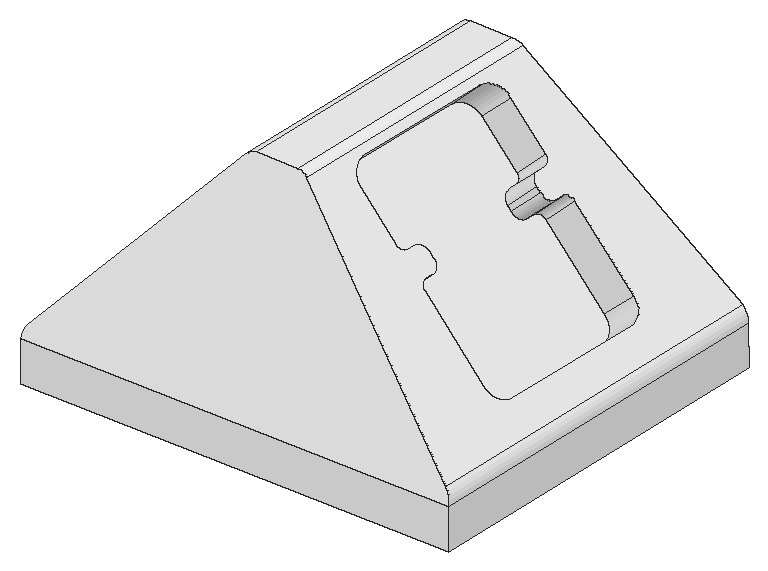
Revit family "Arboles UK - PED-DS2-W 2 Sided 1 Gang Electrical box", category Plumbing Fixtures, Revit 2015
Parameters (values of type "PED-DS2-W")
  URL = "www.arboles.co.uk"
  Type Comments = "Email: sales@arboles.co.uk"
  Model = "PED-DS2-W"
  Material = "ABS"
  Manufacturer = "Arboles UK Ltd: Tel: 01204 388814"
  Dimensions = "160D x 140W x 90H"
  Description = "Bench mounting electrial box, 1 Gang 2 Sided"
  Colour = "White RAL9010"
Reference planes
  plane 1 "Center (Front/Back)": y = 0
  plane 2: z = 0
  plane 3 "Center (Left/Right)": x = 0
Forms (mm)
  Extrusion 1, solid
    sketch origin (0, 0, 0) x (1, 0, 0) y (0, 0, 1)
      loop
        line (80, 0) -> (80, 14.881)
        arc (80, 14.881) -> (79.453, 17.787) -> (77.887, 20.294) r 7.989
        line (77.887, 20.294) -> (11.485, 92.387)
        arc (11.485, 92.387) -> (9.815, 93.579) -> (7.808, 94) r 5
        line (7.808, 94) -> (-7.808, 94)
        arc (-7.808, 94) -> (-9.815, 93.579) -> (-11.485, 92.387) r 5
        line (-11.485, 92.387) -> (-77.901, 20.279)
        arc (-77.901, 20.279) -> (-79.457, 17.788) -> (-80, 14.901) r 7.939
        line (-80, 14.901) -> (-80, 0) -> (80, 0)
    from 0 to 140
  Extrusion 2, void
    sketch origin (0, 0, 0) x (0, 1, 0) y (0, 0, 1)
      loop
        line (0, 94) -> (-20, 94) -> (0, 20.279) -> (0, 94)
    from -133.281 to 150
  Extrusion 3, void
    sketch origin (0, 0, 0) x (0, 1, 0) y (0, 0, 1)
      loop
        line (-140, 94) -> (-140, 14.901) -> (-120, 94) -> (-140, 94)
    from -130.911 to 150
  Extrusion 4, void
    sketch origin (10, 0, 94) x (-0.677476, 0, 0.735545) y (0, 1, 0)
      loop
        arc (-81.214, -34.831) -> (-86.448, -37.031) -> (-88.593, -42.287) r 7.418
        line (-88.593, -42.287) -> (-88.306, -97.426)
        arc (-88.306, -97.426) -> (-86.099, -102.677) -> (-80.824, -104.83) r 7.443
        line (-80.824, -104.83) -> (-48.281, -104.66)
        arc (-48.281, -104.66) -> (-46.171, -103.774) -> (-45.306, -101.655) r 2.99
        line (-45.306, -101.655) -> (-45.322, -98.671)
        arc (-45.322, -98.671) -> (-44.158, -95.818) -> (-41.317, -94.624) r 4.026
        line (-41.317, -94.624) -> (-39.298, -94.614)
        arc (-39.298, -94.614) -> (-36.495, -95.757) -> (-35.322, -98.548) r 3.955
        line (-35.322, -98.548) -> (-35.306, -101.607)
        arc (-35.306, -101.607) -> (-34.421, -103.714) -> (-32.305, -104.577) r 2.986
        line (-32.305, -104.577) -> (-12.741, -104.476)
        arc (-12.741, -104.476) -> (-7.485, -102.266) -> (-5.33, -96.987) r 7.45
        line (-5.33, -96.987) -> (-5.616, -42.049)
        arc (-5.616, -42.049) -> (-7.873, -36.679) -> (-13.267, -34.477) r 7.611
        line (-13.267, -34.477) -> (-32.684, -34.578)
        arc (-32.684, -34.578) -> (-34.78, -35.46) -> (-35.64, -37.565) r 2.971
        line (-35.64, -37.565) -> (-35.624, -40.585)
        arc (-35.624, -40.585) -> (-36.783, -43.426) -> (-39.612, -44.615) r 4.009
        line (-39.612, -44.615) -> (-41.587, -44.625)
        arc (-41.587, -44.625) -> (-44.433, -43.464) -> (-45.624, -40.63) r 4.016
        line (-45.624, -40.63) -> (-45.639, -37.663)
        arc (-45.639, -37.663) -> (-46.534, -35.534) -> (-48.672, -34.662) r 3.017
        line (-48.672, -34.662) -> (-81.214, -34.831)
    from 0 to 15
  Extrusion 5, void
    sketch origin (-10, 0, 94) x (0.677476, 0, 0.735545) y (0, -1, 0)
      loop
        line (-17.118, 102.142) -> (-36.548, 102.503)
        arc (-36.548, 102.503) -> (-38.716, 101.651) -> (-39.648, 99.516) r 3.044
        line (-39.648, 99.516) -> (-39.703, 96.555)
        arc (-39.703, 96.555) -> (-40.925, 93.752) -> (-43.771, 92.635) r 3.994
        line (-43.771, 92.635) -> (-45.739, 92.672)
        arc (-45.739, 92.672) -> (-48.571, 93.907) -> (-49.7, 96.783) r 4.037
        line (-49.7, 96.783) -> (-49.646, 99.686)
        arc (-49.646, 99.686) -> (-50.502, 101.866) -> (-52.649, 102.802) r 3.059
        line (-52.649, 102.802) -> (-77.037, 103.254)
        arc (-77.037, 103.254) -> (-82.414, 101.143) -> (-84.724, 95.848) r 7.548
        line (-84.724, 95.848) -> (-85.744, 40.865)
        arc (-85.744, 40.865) -> (-83.657, 35.55) -> (-78.423, 33.268) r 7.46
        line (-78.423, 33.268) -> (-53.875, 32.812)
        arc (-53.875, 32.812) -> (-51.747, 33.648) -> (-50.833, 35.743) r 2.987
        line (-50.833, 35.743) -> (-50.778, 38.674)
        arc (-50.778, 38.674) -> (-49.53, 41.538) -> (-46.621, 42.679) r 4.082
        line (-46.621, 42.679) -> (-44.658, 42.643)
        arc (-44.658, 42.643) -> (-41.884, 41.433) -> (-40.778, 38.616) r 3.955
        line (-40.778, 38.616) -> (-40.834, 35.606)
        arc (-40.834, 35.606) -> (-39.985, 33.444) -> (-37.855, 32.515) r 3.035
        line (-37.855, 32.515) -> (-18.345, 32.153)
        arc (-18.345, 32.153) -> (-13.037, 34.237) -> (-10.757, 39.465) r 7.451
        line (-10.757, 39.465) -> (-9.736, 94.482)
        arc (-9.736, 94.482) -> (-11.84, 99.841) -> (-17.118, 102.142) r 7.522
    from 0 to 15.659
Cuts and joins
  Extrusion 2, Extrusion 3, Extrusion 4, Extrusion 5 cuts Extrusion 1
Dimensions and locks
  aligned and locked: level to plane 2
